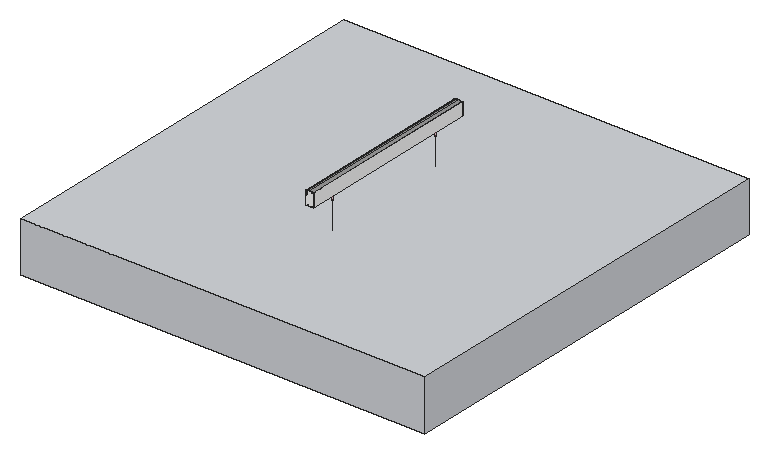
Revit family "LAMP_FIL 45 TW OPAL SURFACE", category Luminarias, Revit 2018
Family settings
  Anfitrión = Cara
  Cota de conector redondo = Diámetro de uso
  Tipo de pieza = Normal
  Corte con vacíos al cargar = No
  Origen de luz = Sí
  Compartido = No
  Punto de cálculo de habitación = No
Parameters (values of type "2800LM 2700-6500K DALI BLACK")
  Ángulo de inclinación = -90.00°
  Weight = 2.606 kg
  Wattage = 30.6 W
  Type = "MID POWER OSRAM"
  built-in parameter 1150107 = 4000 (stored number, unit not read)
  Suspension distance [instance] = if(Suspension > 4000 mm, 4000 mm, if(Suspension < 1 mm, 1 mm, Suspension))  # 200 mm
  Suspension [instance] = 200 mm
  built-in parameter 1150110 = 1 (stored number, unit not read)
  built-in parameter 1150109 = 1 (stored number, unit not read)
  built-in parameter 1150112 = 1 (stored number, unit not read)
  built-in parameter 1150113 = 1 (stored number, unit not read)
  built-in parameter 1114218 = 1 (stored number, unit not read)
  Protection rating = "IP20 / IK07"
  Product datasheet = "http://www.lamp.es/product-files/TECH/F41SF112MOOP8TWDB-EN.pdf"
  Product code = "F41SF112MOOP8TWDB"
  Product URL = "https://www.lamp.es/en/family/fil-45_413951"
  Power Supply = "220-240V 50/60Hz"
  Power = 27 W
  Plum = 30.6 W
  Photobiological risk = ""
  NOT COVER 2 [instance] = not(END COVER 2)  # no
  NOT COVER 1 [instance] = not(END COVER 1)  # no
  built-in parameter 1150137 = (empty or 0)
  built-in parameter 1150132 = 2
  Modelo = Product code  # "F41SF112MOOP8TWDB"
  Model Explanation = ""
  Material suspension = LAMP_Acero genérico
  Material perfil = LAMP_Aluminio Perfil Fil NG
  Material difusor = LAMP_PC Difusor Opal Fil
  Manufacturer name = "LAMP"
  Manufacturer country = "Spain"
  Manufacturer URL = "http://www.lamp.es/en"
  MacAdam = "3"
  Longitud de línea de emisión = Longitud  # 1120 mm
  Longitud = 1120 mm
  Last update = "31/03/2021"
  Lamp = "MID-POWER LED"
  LED Lifetime = "50.000 L80 B10"
  built-in parameter 1150105 = 1116.4 (stored number, unit not read)
  built-in parameter 1150102 = (empty or 0)
  Insulation class = "I"
  Installation instructions = "https://www.lamp.es/product-files/INS/1004580-C%20INSTR.%20FIL45.pdf"
  Initial color = "2700-6500K"
  built-in parameter 1150106 = 11.164 (stored number, unit not read)
  IEE = "A+"
  Gear = "Electronic"
  Lumens = 2934.85 lm
  Finish = "Matte black RAL 9011"
  Color Filter = 16777215
  built-in parameter 1114217 = 1 (stored number, unit not read)
  built-in parameter 1150139 = (empty or 0)
  Fabricante = Manufacturer name  # "LAMP"
  Default Elevation = 1219.2 mm
  built-in parameter 1150104 = 8.9103 (stored number, unit not read)
  Efficacy = 95.91 lm/W
  END COVER 2 [instance] = yes
  END COVER 1 [instance] = yes
  Dimensions = "1120x45x80"
  Descripción = "FIL45 SUR 1120 2800 TW OPAL DALI BK."
  built-in parameter 1150115 = 1 (stored number, unit not read)
  built-in parameter 1150114 = 1 (stored number, unit not read)
  built-in parameter 1150138 = (empty or 0)
  built-in parameter 1150134 = 12
  Dimming Lamp Color Temperature Shift = (empty or 0)
  CRI = "80"
  Archivo de red fotométrica = "F41SF112MOOP8TWDB_4000k.IES"
  built-in parameter 1150133 = 10 (stored number, unit not read)
Types (9, lengths in mm): name | Weight | Wattage | Product datasheet | Product code | Power | Plum | Modelo | Material perfil | Longitud de línea de emisión | Longitud | built-in parameter 1150105 | built-in parameter 1150106 | Lumens | Finish | built-in parameter 1150104 | Efficacy | Dimensions | Descripción | Archivo de red fotométrica
  2800LM 2700-6500K DALI BLACK | 2.606 kg | 30.6 W | "http://www.lamp.es/product-files/TECH/F41SF112MOOP8TWDB-EN.pdf" | "F41SF112MOOP8TWDB" | 27 W | 30.6 W | "F41SF112MOOP8TWDB" | LAMP_Aluminio Perfil Fil NG | 1120 | 1120 | 1116.4 (stored number, unit not read) | 11.164 (stored number, unit not read) | 2934.85 lm | "Matte black RAL 9011" | 8.9103 (stored number, unit not read) | 95.91 lm/W | "1120x45x80" | "FIL45 SUR 1120 2800 TW OPAL DALI BK." | "F41SF112MOOP8TWDB_4000k.IES"
  2800LM 2700-6500K DALI GREY | 2.606 kg | 30.6 W | "http://www.lamp.es/product-files/TECH/F41SF112MOOP8TWDG-EN.pdf" | "F41SF112MOOP8TWDG" | 27 W | 30.6 W | "F41SF112MOOP8TWDG" | LAMP_Aluminio Perfil Fil GR | 1120 | 1120 | 1116.4 (stored number, unit not read) | 11.164 (stored number, unit not read) | 2934.85 lm | "Gloss grey" | 8.9103 (stored number, unit not read) | 95.91 lm/W | "1120x45x80" | "FIL45 SUR 1120 2800 TW OPAL DALI GR." | "F41SF112MOOP8TWDG_4000k.IES"
  2800LM 2700-6500K DALI WHITE | 2.606 kg | 30.6 W | "http://www.lamp.es/product-files/TECH/F41SF112MOOP8TWDW-EN.pdf" | "F41SF112MOOP8TWDW" | 27 W | 30.6 W | "F41SF112MOOP8TWDW" | LAMP_Aluminio Perfil Fil BL | 1120 | 1120 | 1116.4 (stored number, unit not read) | 11.164 (stored number, unit not read) | 2934.85 lm | "Matte white RAL 9010" | 8.9103 (stored number, unit not read) | 95.91 lm/W | "1120x45x80" | "FIL45 SUR 1120 2800 TW OPAL DALI WH." | "F41SF112MOOP8TWDW_4000k.IES"
  4200LM 2700-6500K DALI BLACK | 3.772 kg | 47.2 W | "http://www.lamp.es/product-files/TECH/F41SF168MOOP8TWDB-EN.pdf" | "F41SF168MOOP8TWDB" | 41 W | 47.2 W | "F41SF168MOOP8TWDB" | LAMP_Aluminio Perfil Fil NG | 1680 | 1680 | 1618.1 (stored number, unit not read) | 16.181 (stored number, unit not read) | 4403.76 lm | "Matte black RAL 9011" | 8.6679 (stored number, unit not read) | 93.3 lm/W | "1680x45x80" | "FIL45 SUR 1680 4200 TW OPAL DALI BK." | "F41SF168MOOP8TWDB_4000k.IES"
  4200LM 2700-6500K DALI GREY | 3.772 kg | 47.2 W | "http://www.lamp.es/product-files/TECH/F41SF168MOOP8TWDG-EN.pdf" | "F41SF168MOOP8TWDG" | 41 W | 47.2 W | "F41SF168MOOP8TWDG" | LAMP_Aluminio Perfil Fil GR | 1680 | 1680 | 1675.2 (stored number, unit not read) | 16.752 (stored number, unit not read) | 4403.76 lm | "Gloss grey" | 8.6679 (stored number, unit not read) | 93.3 lm/W | "1680x45x80" | "FIL45 SUR 1680 4200 TW OPAL DALI GR." | "F41SF168MOOP8TWDG_4000k.IES"
  4200LM 2700-6500K DALI WHITE | 3.772 kg | 47.2 W | "http://www.lamp.es/product-files/TECH/F41SF168MOOP8TWDW-EN.pdf" | "F41SF168MOOP8TWDW" | 41 W | 47.2 W | "F41SF168MOOP8TWDW" | LAMP_Aluminio Perfil Fil BL | 1680 | 1680 | 1675.2 (stored number, unit not read) | 16.752 (stored number, unit not read) | 4403.76 lm | "Matte white RAL 9010" | 8.6679 (stored number, unit not read) | 93.3 lm/W | "1680x45x80" | "FIL45 SUR 1680 4200 TW OPAL DALI WH." | "F41SF168MOOP8TWDW_4000k.IES"
  5600LM 2700-6500K DALI BLACK | 5.212 kg | 61.2 W | "http://www.lamp.es/product-files/TECH/F41SF224MOOP8TWDB-EN.pdf" | "F41SF224MOOP8TWDB" | 55 W | 61.2 W | "F41SF224MOOP8TWDB" | LAMP_Aluminio Perfil Fil NG | 2240 | 2240 | 2232.6 (stored number, unit not read) | 22.326 (stored number, unit not read) | 5869.08 lm | "Matte black RAL 9011" | 8.9094 (stored number, unit not read) | 95.9 lm/W | "2240x45x80" | "FIL45 SUR 2240 5600 TW OPAL DALI BK." | "F41SF224MOOP8TWDB_4000k.IES"
  5600LM 2700-6500K DALI GREY | 5.212 kg | 61.2 W | "http://www.lamp.es/product-files/TECH/F41SF224MOOP8TWDG-EN.pdf" | "F41SF224MOOP8TWDG" | 55 W | 61.2 W | "F41SF224MOOP8TWDG" | LAMP_Aluminio Perfil Fil GR | 2240 | 2240 | 2232.6 (stored number, unit not read) | 22.326 (stored number, unit not read) | 5869.08 lm | "Gloss grey" | 8.9094 (stored number, unit not read) | 95.9 lm/W | "2240x45x80" | "FIL45 SUR 2240 5600 TW OPAL DALI GR." | "F41SF224MOOP8TWDG_4000k.IES"
  5600LM 2700-6500K DALI WHITE | 5.212 kg | 61.2 W | "http://www.lamp.es/product-files/TECH/F41SF224MOOP8TWDW-EN.pdf" | "F41SF224MOOP8TWDW" | 55 W | 61.2 W | "F41SF224MOOP8TWDW" | LAMP_Aluminio Perfil Fil BL | 2240 | 2240 | 2232.6 (stored number, unit not read) | 22.326 (stored number, unit not read) | 5869.08 lm | "Matte white RAL 9010" | 8.9094 (stored number, unit not read) | 95.9 lm/W | "2240x45x80" | "FIL45 SUR 2240 5600 TW OPAL DALI WH." | "F41SF224MOOP8TWDW_4000k.IES"
Reference planes
  plane 1 "Centro (Frontal/Posterior)": y = 0
  plane 2: z = 0
  plane 3 "Centro (Izquierda/Derecha)": x = 0
Forms (mm)
  Extrusion 1, solid
    sketch origin (0, 0, 0) x (1, 0, 0) y (0, 1, 0)
      loop
        line (-1219.2, 1219.2) -> (-1219.2, -1219.2) -> (1219.2, -1219.2) -> (1219.2, 1219.2) -> (-1219.2, 1219.2)
    from 0 to -304.8
  Extrusion 2, solid, material "LAMP_Aluminio Perfil Fil NG" <- "Material perfil"
    sketch origin (0, 0, 0) x (1, 0, 0) y (0, 0, 1)
      loop
        arc (22.5, 285.7) -> (21.5, 286.7) -> (20.5, 285.7) r 1
        line (20.5, 285.7) -> (20.5, 284.2) -> (17.8, 284.2) -> (17.8, 259) -> (0, 259) -> (-17.8, 259) -> (-17.8, 284.2) -> (-20.5, 284.2) -> (-20.5, 285.7)
        arc (-20.5, 285.7) -> (-21.5, 286.7) -> (-22.5, 285.7) r 1
        line (-22.5, 285.7) -> (-22.5, 206.5) -> (-20.7, 206.5) -> (-20.7, 210) -> (-12.5, 210) -> (-12.5, 208) -> (-14.8, 208) -> (-14.5, 206.5) -> (-11, 206.5) -> (-11, 214.5) -> (0, 214.5) -> (11, 214.5) -> (11, 206.5) -> (14.5, 206.5) -> (14.8, 208) -> (12.5, 208) -> (12.5, 210) -> (20.7, 210) -> (20.7, 206.5) -> (22.5, 206.5) -> (22.5, 285.7)
    from -560 to 560
  Extrusion 3, solid, material "LAMP_Acero genérico" <- "Material suspension"
    sketch origin (0, 0, 0) x (1, 0, 0) y (0, 0, 1)
      loop
        line (-12.5, 201) -> (-15.291, 208.272) -> (-12.823, 210) -> (-13.823, 210) -> (-16.291, 208.272) -> (-13.116, 200) -> (0, 200) -> (13.116, 200) -> (16.291, 208.272) -> (13.823, 210) -> (12.823, 210) -> (15.291, 208.272) -> (12.5, 201) -> (0, 201) -> (-12.5, 201)
    from -400 to -378
  Extrusion 4, solid, material "LAMP_Acero genérico" <- "Material suspension"
    sketch origin (0, -24, 0) x (1, 0, 0) y (0, 1, 0)
      loop
        circle (0, -365) r 5
    from 163.2 to 200
  Extrusion 5, solid, material "LAMP_Acero genérico" <- "Material suspension"
    sketch origin (0, 24, 0) x (1, 0, 0) y (0, 1, 0)
      loop
        circle (0, 365) r 5
    from 163.2 to 200
  Extrusion 6, solid, material "LAMP_Acero genérico" <- "Material suspension"
    sketch origin (0, 0, 0) x (1, 0, 0) y (0, 1, 0)
      loop
        circle (0, -389) r 1
    from 0 to 163.2
  Extrusion 7, solid, material "LAMP_Acero genérico" <- "Material suspension"
    sketch origin (0, 0, 0) x (1, 0, 0) y (0, 1, 0)
      loop
        circle (0, 389) r 1
    from 0 to 163.2
  Extrusion 8, solid, material "LAMP_PC Difusor Opal Fil" <- "Material difusor"
    sketch origin (0, 0, 0) x (1, 0, 0) y (0, 0, 1)
      loop
        line (-20.5, 284.2) -> (0, 284.2) -> (20.5, 284.2) -> (20.5, 286.7) -> (0, 286.7) -> (-20.5, 286.7) -> (-20.5, 284.2)
    from -560 to 560
  Extrusion 9, solid, material "LAMP_Acero genérico" <- "Material suspension"
    sketch origin (0, 0, 0) x (1, 0, 0) y (0, 0, -1)
      loop
        line (-12.5, -201) -> (0, -201) -> (12.5, -201) -> (15.291, -208.272) -> (12.823, -210) -> (13.823, -210) -> (16.291, -208.272) -> (13.116, -200) -> (0, -200) -> (-13.116, -200) -> (-16.291, -208.272) -> (-13.823, -210) -> (-12.823, -210) -> (-15.291, -208.272) -> (-12.5, -201)
    from -400 to -378
  Extrusion 10, solid, material "LAMP_PC Difusor Opal Fil" <- "Material difusor"
    sketch origin (0, 0, 0) x (1, 0, 0) y (0, 0, 1)
      loop
        line (-11, 214.5) -> (-11, 206.5) -> (-7.529, 206.5) -> (11, 206.5) -> (11, 214.5) -> (10, 214.5) -> (10, 207.5) -> (-10, 207.5) -> (-10, 214.5) -> (-11, 214.5)
    from -560 to 560
Lines and regions (mm)
  reference lines
    curve 1: line (0, -445.47, 200) -> (0, 544.53, 200)
Text (mm)
  text "Any modification of the parameters and properties of the LAMP BIM models must be executed and validated by the LAMP technical department.\nPhone: +34 93 736 68 00\nE-mail: lamp@lamp.es\n\nLAMP reserves the right to modify the technical specifications of its products." at (3279.264, 5298.162, -2684.539), in view "Preview"
Dimensions and locks
  "Suspension distance": level to curve 1
  locked: Extrusion 4 to Extrusion 4 at 36.8
  locked: Extrusion 5 to Extrusion 5 at 36.8
  equal spacing: Extrusion 2, plane 1 "Centro (Frontal/Posterior)", Extrusion 2
  "Longitud": Extrusion 2 to Extrusion 2
  aligned and locked: plane 2 to Extrusion 1
  aligned and locked: level to Extrusion 1
  aligned and locked: Extrusion 8 to Extrusion 2  (x3)
  aligned and locked: curve 1 to Extrusion 9
  aligned and locked: curve 1 to Extrusion 3
  aligned and locked: Extrusion 4 to curve 1
  aligned and locked: Extrusion 5 to curve 1
  aligned and locked: Extrusion 6 to Extrusion 4
  aligned and locked: Extrusion 7 to Extrusion 5
  aligned and locked: Extrusion 2 to Extrusion 9  (x2)
  aligned and locked: imposter light to Extrusion 8
  aligned and locked: Extrusion 10 to Extrusion 2
  aligned and locked: nested 1 to Extrusion 2  (x2)
  aligned and locked: nested 2 to Extrusion 2  (x2)
  aligned and locked: Extrusion 2 to Extrusion 8
Automatic sketch dimensions
  Extrusion 1 sketch curve to Extrusion 1 sketch curve = 2438.4 mm  (x2)
  Extrusion 3 sketch curve to plane 3 "Centro (Izquierda/Derecha)" = 0 mm  (x2)
  Extrusion 3 sketch curve to Extrusion 3 sketch curve = 12.5 mm
  Extrusion 3 sketch curve to Extrusion 3 sketch curve = 0.323 mm  (x2)
  Extrusion 3 sketch curve to Extrusion 3 sketch curve = 0.616 mm  (x2)
  Extrusion 3 sketch curve to Extrusion 3 sketch curve = 1 mm  (x5)
  Extrusion 3 sketch curve to Extrusion 3 sketch curve = 1.468 mm  (x2)
  plane 3 "Centro (Izquierda/Derecha)" to Extrusion 3 sketch curve = 12.5 mm
  level to Extrusion 3 sketch curve = 200 mm
  Extrusion 3 sketch curve to Extrusion 3 sketch curve = 7.272 mm  (x2)
  Extrusion 3 sketch curve to Extrusion 3 sketch curve = 0 mm  (x2)
  Extrusion 3 sketch curve to Extrusion 3 sketch curve = 1.728 mm  (x2)
  Extrusion 4 sketch curve to plane 3 "Centro (Izquierda/Derecha)" = 0 mm
  plane 1 "Centro (Frontal/Posterior)" to Extrusion 4 sketch curve = 389 mm
  Extrusion 5 sketch curve to plane 3 "Centro (Izquierda/Derecha)" = 0 mm
  plane 1 "Centro (Frontal/Posterior)" to Extrusion 5 sketch curve = 389 mm
  Extrusion 6 sketch curve to plane 3 "Centro (Izquierda/Derecha)" = 0 mm
  plane 1 "Centro (Frontal/Posterior)" to Extrusion 6 sketch curve = 389 mm
  Extrusion 7 sketch curve to plane 3 "Centro (Izquierda/Derecha)" = 0 mm
  plane 1 "Centro (Frontal/Posterior)" to Extrusion 7 sketch curve = 389 mm
  Extrusion 2 sketch curve to plane 3 "Centro (Izquierda/Derecha)" = 0 mm  (x2)
  Extrusion 2 sketch curve to plane 3 "Centro (Izquierda/Derecha)" = 11 mm
  Extrusion 2 sketch curve to Extrusion 2 sketch curve = 1.5 mm  (x6)
  Extrusion 2 sketch curve to Extrusion 2 sketch curve = 2 mm  (x2)
  Extrusion 2 sketch curve to Extrusion 2 sketch curve = 0.3 mm  (x2)
  Extrusion 2 sketch curve to Extrusion 2 sketch curve = 17.8 mm
  Extrusion 2 sketch curve to Extrusion 2 sketch curve = 2.7 mm  (x2)
  Extrusion 2 sketch curve to Extrusion 2 sketch curve = 5.9 mm  (x2)
  Extrusion 2 sketch curve to Extrusion 2 sketch curve = 1 mm  (x2)
  plane 3 "Centro (Izquierda/Derecha)" to Extrusion 2 sketch curve = 11 mm
  plane 3 "Centro (Izquierda/Derecha)" to Extrusion 2 sketch curve = 17.8 mm
  level to Extrusion 2 sketch curve = 206.5 mm
  Extrusion 2 sketch curve to Extrusion 2 sketch curve = 0 mm  (x3)
  Extrusion 2 sketch curve to Extrusion 2 sketch curve = 3.5 mm  (x2)
  Extrusion 2 sketch curve to Extrusion 2 sketch curve = 4.5 mm
  Extrusion 2 sketch curve to Extrusion 2 sketch curve = 44.5 mm
  Extrusion 2 sketch curve to Extrusion 2 sketch curve = 25.2 mm  (x2)
  Extrusion 8 sketch curve to plane 3 "Centro (Izquierda/Derecha)" = 0 mm  (x2)
  Extrusion 8 sketch curve to Extrusion 8 sketch curve = 20.5 mm
  plane 3 "Centro (Izquierda/Derecha)" to Extrusion 8 sketch curve = 20.5 mm
  level to Extrusion 8 sketch curve = 284.2 mm
  Extrusion 8 sketch curve to Extrusion 8 sketch curve = 2.5 mm
  Extrusion 9 sketch curve to plane 3 "Centro (Izquierda/Derecha)" = 0 mm  (x2)
  Extrusion 9 sketch curve to Extrusion 9 sketch curve = 12.5 mm
  Extrusion 9 sketch curve to Extrusion 9 sketch curve = 0.323 mm  (x2)
  Extrusion 9 sketch curve to Extrusion 9 sketch curve = 0.616 mm  (x2)
  Extrusion 9 sketch curve to Extrusion 9 sketch curve = 1 mm  (x5)
  Extrusion 9 sketch curve to Extrusion 9 sketch curve = 1.468 mm  (x2)
  plane 3 "Centro (Izquierda/Derecha)" to Extrusion 9 sketch curve = 12.5 mm
  level to Extrusion 9 sketch curve = 210 mm
  Extrusion 9 sketch curve to Extrusion 9 sketch curve = 0 mm  (x3)
  Extrusion 9 sketch curve to Extrusion 9 sketch curve = 1.728 mm  (x2)
  Extrusion 9 sketch curve to Extrusion 9 sketch curve = 7.272 mm
  Extrusion 10 sketch curve to plane 3 "Centro (Izquierda/Derecha)" = 11 mm
  Extrusion 10 sketch curve to Extrusion 10 sketch curve = 1 mm  (x3)
  Extrusion 10 sketch curve to Extrusion 10 sketch curve = 2.471 mm
  plane 3 "Centro (Izquierda/Derecha)" to Extrusion 10 sketch curve = 10 mm
  level to Extrusion 10 sketch curve = 206.5 mm
  Extrusion 10 sketch curve to Extrusion 10 sketch curve = 7 mm  (x2)
  plane 1 "Centro (Frontal/Posterior)" to curve 1 = 445.47 mm
  curve 1 to plane 1 "Centro (Frontal/Posterior)" = 544.53 mm
  radius of Extrusion 4 sketch curve = 5 mm
  radius of Extrusion 5 sketch curve = 5 mm
  radius of Extrusion 6 sketch curve = 1 mm
  radius of Extrusion 7 sketch curve = 1 mm
Nested families
  nested 1: "LAMP_FIL 45 END COVER SURFACE" at (0, -561, 206.5), visible <- "END COVER 1", type "LAMP_FIL 45 END COVER SURFACE"
  nested 2: "LAMP_FIL 45 END COVER SURFACE" at (0, 561, 206.5), visible <- "END COVER 2", type "LAMP_FIL 45 END COVER SURFACE"
Connectors
  electrical at (0, 389, 200)
    settings: on Extrusion 5, index 1, voltage 230 V, apparent load 0 VA, apparent load phase1 0 VA, apparent load phase2 0 VA, apparent load phase3 0 VA, power factor 1, load classification "Otro", number of poles 1, system type 31, power factor state 1, is connector primary yes, connector utility no, sub classification motor no, connector description ""
Definition of nested family "LAMP_FIL 45 END COVER SURFACE"
  Parameters (values of type "Blanco")
    Material tapa = none
  Reference planes
    plane 1 "Centro (Frontal/Posterior)": y = 0
    plane 2: z = 0
    plane 3 "Centro (Izquierda/Derecha)": x = 0
  Forms (mm)
    Extrusion 1, solid, material <- "Material tapa"
      sketch origin (0, 0, 0) x (0, -1, 0) y (0, 0, 1)
        loop
          line (0, 0) -> (1, 0) -> (1, 80) -> (-1, 80) -> (-1, 0) -> (0, 0)
      from -22.5 to 22.5
  Dimensions and locks
    aligned and locked: level to plane 2
